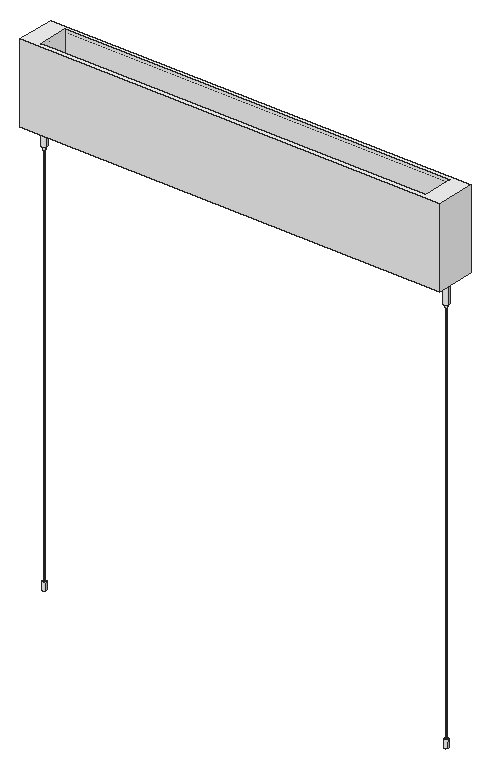
Revit family "2L-P-ID", category Lighting Fixtures, host Face, Revit 2021
Family settings
  Host = Face
  Round Connector Dimension = Use Diameter
  Part Type = Normal
  OmniClass Number = 23.80.70.11.14.17
  OmniClass Title = Direct/Indirect
  Cut with Voids When Loaded = No
  Light Source = Yes
  Shared = Yes
  Room Calculation Point = No
Parameters (values of type "2L-P-ID-02")
  Watts = 12.1 W
  Wattage Comments = "Variable Intensity technology provides specifiable lumen output/wattage"  # constant formula
  Wattage = 12.2 W
  Warranty = "5 years Warranty"  # constant formula
  built-in parameter 1150110 = 1 (stored number, unit not read)
  Voltage = 120 V
  Uplight distribution = "Standard"
  URL = "https://www.currentlighting.com/litecontrol"
  built-in parameter 1114217 = 1 (stored number, unit not read)
  Tilt Angle = -90.00°
  built-in parameter 1150109 = 1 (stored number, unit not read)
  built-in parameter 1150134 = (empty or 0)
  built-in parameter 1150113 = 1 (stored number, unit not read)
  Reflector Finish = White Glass
  Product Link = ""
  Product Documentation Link = ""
  Power Factor = 1
  Photometric Web File = "2L-P-AD-4-ASYM-X-CX-35K-D030.ies"
  Pendent Height [instance] = 24"
  Model = "2L-P-ID"  # constant formula
  Max Length in Row = 2L-P : 02
  Manufacturer = "Litecontrol"  # constant formula
  built-in parameter 1150105 = 87.376 (stored number, unit not read)
  Lumens = 1098 lm
  built-in parameter 1150115 = 1 (stored number, unit not read)
  Load Classification = Lighting
  built-in parameter 1150137 = (empty or 0)
  built-in parameter 1150139 = (empty or 0)
  built-in parameter 1150112 = 1 (stored number, unit not read)
  built-in parameter 1150114 = 1 (stored number, unit not read)
  Lamp = "LED"  # constant formula
  built-in parameter 1150132 = (empty or 0)
  built-in parameter 1150102 = (empty or 0)
  built-in parameter 1150107 = 3500 (stored number, unit not read)
  built-in parameter 1150138 = (empty or 0)
  built-in parameter 1150106 = 0.87376 (stored number, unit not read)
  Housing Material = Paint -  Matte White
  Emit from Rectangle Width = 2"  # constant formula
  Emit from Rectangle Length = 24"  # constant formula
  Emit Shape Visible in Rendering = no
  built-in parameter 1150104 = 8.3613 (stored number, unit not read)
  Fixture distribution = "Indirect/Direct"  # constant formula
  Dimming Lamp Color Temperature Shift = <None>
  Description = "MOD 2 LED Pendant Indirect/Direct"  # constant formula
  Default Elevation = 48"
  Copyright = "Copyright © Litecontrol"  # constant formula
  Contact = ""
  Connector Description = "Lighting Connector"  # constant formula
  Color Filter = 16777215
  built-in parameter 1114218 = 1 (stored number, unit not read)
  built-in parameter 1150133 = 10 (stored number, unit not read)
  Assembly Code = "D5020200"
  Apparent Load = Watts / Power Factor  # 12.1 VA
Types (7): name | Max Length in Row
  (no name) | 2L-P : 02
  2L-P-ID-02 | 2L-P : 02
  2L-P-ID-03 | 2L-P : 03
  2L-P-ID-04 | 2L-P : 04
  2L-P-ID-05 | 2L-P : 05
  2L-P-ID-06 | 2L-P : 06
  2L-P-ID-08 | 2L-P : 08
Reference planes (in)
  plane 1 "Center (Front/Back)": y = 0
  plane 2: z = 0
  plane 3 "Center (Left/Right)": x = 0
  plane 4: z = 24
  plane 5: z = 27.5
Dimensions and locks (in)
  "Pendent Height": plane 4 to plane 2
  locked: plane 5 to plane 4 at 3.5
  aligned and locked: plane 2 to host face
  aligned and locked: level to host face
  aligned and locked: plane 1 "Center (Front/Back)" to nested 1
  aligned and locked: plane 3 "Center (Left/Right)" to nested 1
  aligned and locked: plane 5 to imposter light
Automatic sketch dimensions
  host sketch curve to host sketch curve = 96"  (x2)
Nested families (in)
  nested 1: "2L-P" at (0, 0, 0), type <- "Max Length in Row", Pendent Height <- "Pendent Height", type "02"
    with Pendent Height 24", Length 24"
Connectors (in)
  electrical at (0, 0, 24), driven by "Load Classification", driven by "Voltage", driven by "Apparent Load", driven by "Power Factor", driven by "Connector Description"
    settings: on nested 1, index 1, voltage 120 V, apparent load 12.1 VA, apparent load phase1 0 VA, apparent load phase2 0 VA, apparent load phase3 0 VA, power factor 1, load classification "Lighting", number of poles 1, system type 30, power factor state 1, is connector primary yes, connector utility no, sub classification motor no, connector description "Lighting Connector"
Definition of nested family "2L-P"
  Parameters
    Width = 2.2"  # constant formula
    Wattage Comments = ""
    URL = ""
    Reflector Finish = none
    Pendent Height [instance] = 12"
    Pendant Material = none
    Model = ""
    Manufacturer = ""
    Load Classification = none
    Length = 60"
    Lamp = ""
    Height = 4 1/2"  # constant formula
    Description = ""
    Default Elevation = 48"
    Apparent Load = 0 VA  # constant formula
  Reference planes (in)
    plane 1 "Center (Front/Back)": y = 0
    plane 2: z = 0
    plane 3 "Center (Left/Right)": x = 0
    plane 4: x = -30
    plane 5: x = 30
    plane 6: y = -1.1
    plane 7: y = 1.1
    plane 8: z = 12
    plane 9: z = 16.25
    plane 10: x = 29.5
    plane 11: x = -29.5
    plane 12: z = 16.375
    plane 13: z = 16.25
    plane 14: z = 16.5
    plane 15: y = 0.85
    plane 16: y = -0.85
    plane 17: z = 12.125
    plane 18: y = 0.6
    plane 19: y = -0.6
    plane 20: x = -29
    plane 21: x = 29
  Forms (in)
    Extrusion 1, solid
      sketch origin (0, 0, 0) x (1, 0, 0) y (0, 1, 0)
        loop
          line (-48, 48) -> (-48, -48) -> (48, -48) -> (48, 48) -> (-48, 48)
      from 0 to -1.25
    Extrusion 2, solid, material <- "Pendant Material"
      sketch origin (-47.9375, 0, 0) x (0, 1, 0) y (0, 0, -1)
        loop
          line (1.1, -12) -> (-1.1, -12) -> (-1.1, -16.5) -> (1.1, -16.5) -> (1.1, -12)
      from -77.9375 to -17.9375
    Revolve 3, solid, material <- "Pendant Material"
      sketch origin (0, 0, 0) x (1, 0, 0) y (0, 0, 1)
        loop
          line (-29.5, 12) -> (-29.5, 0) -> (-29.40361, 0) -> (-29.40361, 0.42177) -> (-29.47196, 0.42177) -> (-29.47196, 10.57698) -> (-29.41672, 10.57698) -> (-29.41672, 10.7519) -> (-29.34307, 10.7519) -> (-29.34307, 12) -> (-29.5, 12)
        axis (-29.5, 12) -> (-29.5, 0)
      angle from 0 to 360
    Revolve 4, solid, material <- "Pendant Material"
      sketch origin (0, 0, 0) x (-1, 0, 0) y (0, 0, -1)
        loop
          line (-29.5, -12) -> (-29.34307, -12) -> (-29.34307, -10.7519) -> (-29.41672, -10.7519) -> (-29.41672, -10.57698) -> (-29.47196, -10.57698) -> (-29.47196, -0.42177) -> (-29.40361, -0.42177) -> (-29.40361, 0) -> (-29.5, 0) -> (-29.5, -12)
        axis (-29.5, -12) -> (-29.5, 0)
      angle from 0 to 360
    Extrusion 5, void
      sketch origin (0, 0, 0) x (0, 1, 0) y (0, 0, 1)
        loop
          line (0.85, 16.5) -> (-0.85, 16.5) -> (-0.85, 12.125) -> (-0.6, 12.125) -> (-0.6, 12) -> (0.6, 12) -> (0.6, 12.125) -> (0.85, 12.125) -> (0.85, 16.5)
      from -29 to 29
    Extrusion 6, solid, material <- "Reflector Finish"
      sketch origin (0, 0, 0) x (0, 1, 0) y (0, 0, 1)
        loop
          line (0.85, 16.375) -> (-0.85, 16.375) -> (-0.85, 12.125) -> (0.85, 12.125) -> (0.85, 16.375)
      from -29 to 29
  Cuts and joins
    Extrusion 5 cuts Extrusion 2
  Dimensions and locks (in)
    equal spacing: plane 4, plane 3 "Center (Left/Right)", plane 5
    "Length": plane 4 to plane 5
    equal spacing: plane 6, plane 1 "Center (Front/Back)", plane 7
    "Width": plane 7 to plane 6
    "Pendent Height": plane 8 to plane 2
    locked: plane 4 to plane 11 at 0.5
    locked: plane 10 to plane 5 at 0.5
    locked: plane 12 to plane 13 at 0.125
    "Height": plane 14 to plane 8
    locked: plane 14 to plane 12 at 0.125
    locked: plane 12 to plane 9 at 0.125
    locked: plane 7 to plane 15 at 0.25
    locked: plane 16 to plane 6 at 0.25
    locked: plane 17 to plane 8 at 0.125
    locked: plane 7 to plane 18 at 0.5
    locked: plane 19 to plane 6 at 0.5
    locked: plane 4 to plane 20 at 1
    locked: plane 21 to plane 5 at 1
    aligned and locked: plane 2 to Extrusion 1
    aligned and locked: level to Extrusion 1
    aligned and locked: Extrusion 2 sketch curve to plane 8
    aligned and locked: Extrusion 2 sketch curve to plane 6
    aligned and locked: Extrusion 2 sketch curve to plane 7
    aligned and locked: Extrusion 2 to plane 4
    aligned and locked: plane 5 to Extrusion 2
    aligned and locked: Extrusion 5 sketch curve to plane 15
    aligned and locked: plane 16 to Extrusion 5 sketch curve
    aligned and locked: Extrusion 5 sketch curve to plane 17
    aligned and locked: Extrusion 5 sketch curve to plane 14
    aligned and locked: Extrusion 5 sketch curve to plane 18
    aligned and locked: Extrusion 5 sketch curve to plane 19
    aligned and locked: Extrusion 5 sketch curve to plane 8
    aligned and locked: Extrusion 5 to plane 20
    aligned and locked: Extrusion 5 to plane 21
    aligned and locked: plane 12 to Extrusion 6 sketch curve
    aligned and locked: Extrusion 6 sketch curve to cut or joined group of Extrusion 2, Extrusion 5  (x2)
    aligned and locked: cut or joined group of Extrusion 2, Extrusion 5 to Extrusion 6 sketch curve
    aligned and locked: Extrusion 6 to cut or joined group of Extrusion 2, Extrusion 5  (x2)
  Automatic sketch dimensions
    Extrusion 1 sketch curve to Extrusion 1 sketch curve = 96"  (x2)
    Revolve 3 sketch curve to level = 0"
    Revolve 3 sketch curve to plane 11 = 0"  (x2)
    Revolve 3 sketch curve to plane 8 = 0"
    plane 11 to Revolve 3 sketch curve = 0.09639"
    level to Revolve 3 sketch curve = 0.42177"
    plane 11 to Revolve 3 sketch curve = 0.02804"
    Revolve 3 sketch curve to Revolve 3 sketch curve = 0.05524"
    Revolve 3 sketch curve to Revolve 3 sketch curve = 0.07365"
    Revolve 3 sketch curve to plane 8 = 1.42302"
    Revolve 3 sketch curve to Revolve 3 sketch curve = 0.17493"
    Revolve 3 sketch curve to Revolve 3 sketch curve = 9.16755"
    Revolve 4 sketch curve to level = 0"
    plane 10 to Revolve 4 sketch curve = 0"
    Revolve 4 sketch curve to plane 8 = 0"
    plane 10 to Revolve 4 sketch curve = 0.15693"
    Revolve 4 sketch curve to plane 8 = 1.2481"
    Revolve 4 sketch curve to plane 10 = 0"
    plane 10 to Revolve 4 sketch curve = 0.02804"
    Revolve 4 sketch curve to Revolve 4 sketch curve = 0.05524"
    Revolve 4 sketch curve to Revolve 4 sketch curve = 0.09639"
    Revolve 4 sketch curve to Revolve 4 sketch curve = 0.17493"
    level to Revolve 4 sketch curve = 0.42177"
    Revolve 4 sketch curve to Revolve 4 sketch curve = 9.16755"
    plane 12 to Extrusion 2 sketch curve = 1/8"
    plane 12 to Revolve 3 sketch curve = 85.65997"
    plane 12 to Revolve 4 sketch curve = 85.65997"
    plane 17 to Extrusion 5 sketch curve = 0"
